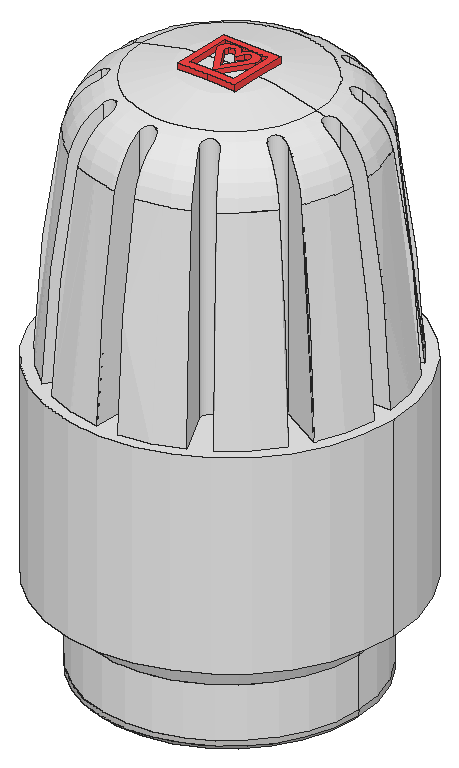
Revit family "HERZ-HERZCULES-Thermostatic Head M28x1.5 9860", category Rohrzubehör, Revit 2019
Family settings
  Bemaßung runder Anschluss = Durchmesser verwenden
  Teiletyp = Normal
  OmniClass-Nummer = 23.65.55.14
  OmniClass-Titel = Valves for Liquid Services
  Arbeitsebenenbasiert = Nein
  Immer vertikal = Nein
  Beim Laden mit Abzugskörper schneiden = Nein
  Gemeinsam genutzt = Nein
Parameters
  URL = "www.herzvalves.com"
  Set value range = "8 - 26°C"  # constant formula
  S02 = 60.000 mm  # constant formula
  S01 = 81.000 mm  # constant formula
  Part number = 1986010  # constant formula
  Operation = "The HERZ-thermostat serves as a sensor and control element.\r\nThe change in volume of the liquid contained in the HERZ-hydrosensor actuates the valve spindle."
  Model = "HERZCULES, radiator thermostat in robust version\r\nProtection against vandalism, theft and unauthorised operation.\r\nMounting, dismounting and set point control only possible with special tools.\r\nLocked and concealed set point.\r\nWith automatic frost release."
  Hersteller = "HERZ Armaturen Ges.m.b.H."  # constant formula
  Hand wheel = "plastic, white"  # constant formula
  Application = "HERZCULES, thermostatic head for mounting on HERZ-Valves, suitable for thermostatic operation."
Reference planes
  plane 1 "Mitte (Vorne/hinten)": y = 0
  plane 2: z = 0
  plane 3 "Mitte (Links/rechts)": x = 0
Forms (mm)
  Revolve 1, solid, material "Kunststoff weiß", detail levels fine
    sketch origin (0, 0, 0) x (1, 0, 0) y (0, 0, 1)
      loop
        line (-20.5, -3.5) -> (-14, -3.5) -> (-14, 0) -> (0, 0) -> (0, 81)
        arc (0, 81) -> (-6.982, 80.51) -> (-13.827, 79.05) r 50
        arc (-13.827, 79.05) -> (-18.34, 76.173) -> (-20.722, 71.381) r 10
        arc (-20.722, 71.381) -> (-23.123, 55.561) -> (-24.254, 39.6) r 200.5
        line (-24.254, 39.6) -> (-26, 39.6) -> (-26, 9) -> (-23.156, 9) -> (-20.5, 4.4) -> (-20.5, -3.5)
      axis (0, 81) -> (0, -3.5)
    angle from 0 to 360
  Revolve 2, solid, material "Messing verzinkt", detail levels fine
    sketch origin (0, 0, -5) x (1, 0, 0) y (0, 0, 1)
      loop
        line (-14, 0) -> (-14, 1.5) -> (-20.5, 1.5) -> (-20.5, 0.7) -> (-19.8, 0) -> (-14, 0)
      axis (0, 1.5) -> (0, 0)
    angle from 0 to 360
  Extrusion 3, void
    sketch origin (0, 0, 0) x (1, 0, 0) y (0, 1, 0)
      loop
        line (1.7, -24.289) -> (1.331, -16.288)
        arc (1.331, -16.288) -> (-0.021, -15) -> (-1.366, -16.294) r 1.35
        line (-1.366, -16.294) -> (-1.7, -24.292)
        arc (-1.7, -24.292) -> (0, -24.35) -> (1.7, -24.289) r 24.35
      loop
        arc (-13.65, -20.176) -> (-12.208, -21.079) -> (-10.707, -21.879) r 24.35
        line (-10.707, -21.879) -> (-6.996, -14.785)
        arc (-6.996, -14.785) -> (-7.515, -12.992) -> (-9.329, -13.431) r 1.35
        line (-9.329, -13.431) -> (-13.65, -20.176)
      loop
        line (-20.194, -13.632) -> (-13.449, -9.312)
        arc (-13.449, -9.312) -> (-13.009, -7.497) -> (-14.803, -6.979) r 1.35
        line (-14.803, -6.979) -> (-21.896, -10.689)
        arc (-21.896, -10.689) -> (-21.097, -12.19) -> (-20.194, -13.632) r 24.35
      loop
        arc (-24.307, 1.718) -> (-24.368, 0.018) -> (-24.309, -1.682) r 24.35
        line (-24.309, -1.682) -> (-16.311, -1.349)
        arc (-16.311, -1.349) -> (-15.018, -0.003) -> (-16.305, 1.349) r 1.35
        line (-16.305, 1.349) -> (-24.307, 1.718)
      loop
        arc (1.7, 24.289) -> (0, 24.35) -> (-1.7, 24.292) r 24.35
        line (-1.7, 24.292) -> (-1.366, 16.294)
        arc (-1.366, 16.294) -> (-0.021, 15) -> (1.331, 16.288) r 1.35
        line (1.331, 16.288) -> (1.7, 24.289)
      loop
        line (-13.65, 20.176) -> (-9.329, 13.431)
        arc (-9.329, 13.431) -> (-7.515, 12.992) -> (-6.996, 14.785) r 1.35
        line (-6.996, 14.785) -> (-10.707, 21.879)
        arc (-10.707, 21.879) -> (-12.208, 21.079) -> (-13.65, 20.176) r 24.35
      loop
        arc (-20.194, 13.632) -> (-21.097, 12.19) -> (-21.896, 10.689) r 24.35
        line (-21.896, 10.689) -> (-14.803, 6.979)
        arc (-14.803, 6.979) -> (-13.009, 7.497) -> (-13.449, 9.312) r 1.35
        line (-13.449, 9.312) -> (-20.194, 13.632)
      loop
        line (24.307, 1.718) -> (16.305, 1.349)
        arc (16.305, 1.349) -> (15.018, -0.003) -> (16.311, -1.349) r 1.35
        line (16.311, -1.349) -> (24.309, -1.682)
        arc (24.309, -1.682) -> (24.368, 0.018) -> (24.307, 1.718) r 24.35
      loop
        arc (13.65, 20.176) -> (12.208, 21.079) -> (10.707, 21.879) r 24.35
        line (10.707, 21.879) -> (6.996, 14.785)
        arc (6.996, 14.785) -> (7.515, 12.992) -> (9.329, 13.431) r 1.35
        line (9.329, 13.431) -> (13.65, 20.176)
      loop
        line (20.194, 13.632) -> (13.449, 9.312)
        arc (13.449, 9.312) -> (13.009, 7.497) -> (14.803, 6.979) r 1.35
        line (14.803, 6.979) -> (21.896, 10.689)
        arc (21.896, 10.689) -> (21.097, 12.19) -> (20.194, 13.632) r 24.35
      loop
        line (13.65, -20.176) -> (9.329, -13.431)
        arc (9.329, -13.431) -> (7.515, -12.992) -> (6.996, -14.785) r 1.35
        line (6.996, -14.785) -> (10.707, -21.879)
        arc (10.707, -21.879) -> (12.208, -21.079) -> (13.65, -20.176) r 24.35
      loop
        arc (20.194, -13.632) -> (21.097, -12.19) -> (21.896, -10.689) r 24.35
        line (21.896, -10.689) -> (14.803, -6.979)
        arc (14.803, -6.979) -> (13.009, -7.497) -> (13.449, -9.312) r 1.35
        line (13.449, -9.312) -> (20.194, -13.632)
    from 39.6 to 90
Cuts and joins
  Extrusion 3 cuts Revolve 1
Lines and regions (mm)
  model lines, detail levels coarse+medium
    curve 1: line (0, 0, 0) -> (0, 0, 21)
    curve 2: line (0, -0.017, 0) -> (0, 21, 0)
    curve 3: circle (0, 0, 51) r 30 normal (0, -1, 0)
    curve 4: circle (0, 0, 51) r 30 normal (1, 0, 0)
    curve 5: line (0, 0, 31) -> (0, 0, 71)
    curve 6: line (0, 17.5, 71) -> (0, -17.5, 71)
    curve 7: line (0, 0, 31) -> (0, 0, 71)
    curve 8: line (-17.5, 0, 71) -> (17.5, 0, 71)
    curve 9: circle (0, 51, 0) r 30 normal (0, 0, 1)
    curve 10: line (0, 31, 0) -> (0, 71, 0)
    curve 11: line (-17.5, 71, 0) -> (17.5, 71, 0)
Dimensions and locks
  nested 1 to plane 2 = 80.000 mm
  "S01": curve 4 to plane 2
  "S01": curve 3 to plane 2
  "S01": plane 1 "Mitte (Vorne/hinten)" to curve 9
  "S02": diameter of curve 3
  "S02": diameter of curve 4
  "S02": diameter of curve 9
  aligned and locked: level to plane 2
Automatic sketch dimensions
  Revolve 1 sketch curve to level = 0.000 mm
  Revolve 1 sketch curve to plane 3 "Mitte (Links/rechts)" = 0.000 mm  (x2)
  Revolve 1 sketch curve to plane 3 "Mitte (Links/rechts)" = 10.903 mm
  Revolve 1 sketch curve to plane 3 "Mitte (Links/rechts)" = 14.000 mm
  Revolve 1 sketch curve to Revolve 1 sketch curve = 6.500 mm
  level to Revolve 1 sketch curve = 9.000 mm
  Revolve 1 sketch curve to Revolve 1 sketch curve = 2.656 mm
  Revolve 1 sketch curve to plane 3 "Mitte (Links/rechts)" = 24.254 mm
  Revolve 1 sketch curve to Revolve 1 sketch curve = 1.746 mm
  level to Revolve 1 sketch curve = 33.411 mm
  plane 3 "Mitte (Links/rechts)" to Revolve 1 sketch curve = 176.150 mm
  Revolve 1 sketch curve to level = 3.500 mm
  level to Revolve 1 sketch curve = 4.400 mm
  level to Revolve 1 sketch curve = 31.000 mm
  Revolve 1 sketch curve to Revolve 1 sketch curve = 8.600 mm
  Revolve 1 sketch curve to Revolve 1 sketch curve = 29.887 mm
  Revolve 1 sketch curve to Revolve 1 sketch curve = 11.513 mm
  Revolve 1 sketch curve to Revolve 1 sketch curve = 2.925 mm
  level to Revolve 1 sketch curve = 5.000 mm
  Revolve 1 sketch curve to Revolve 1 sketch curve = 2133.315 mm
  Revolve 2 sketch curve to plane 3 "Mitte (Links/rechts)" = 0.000 mm
  Revolve 2 sketch curve to level = 5.000 mm
  Revolve 2 sketch curve to plane 3 "Mitte (Links/rechts)" = 14.000 mm
  Revolve 2 sketch curve to Revolve 2 sketch curve = 5.800 mm
  Revolve 2 sketch curve to Revolve 2 sketch curve = 0.700 mm  (x2)
  Revolve 2 sketch curve to Revolve 2 sketch curve = 1.500 mm
  Revolve 2 sketch curve to Revolve 2 sketch curve = 366.045 mm
  level to Revolve 2 sketch curve = 2209.315 mm
  Extrusion 3 sketch curve to Extrusion 3 sketch curve = 0.000 mm  (x62)
  plane 1 "Mitte (Vorne/hinten)" to Extrusion 3 sketch curve = 0.000 mm  (x4)
  plane 1 "Mitte (Vorne/hinten)" to Extrusion 3 sketch curve = 1.682 mm  (x2)
  Extrusion 3 sketch curve to plane 3 "Mitte (Links/rechts)" = 24.309 mm
  Extrusion 3 sketch curve to plane 1 "Mitte (Vorne/hinten)" = 1.718 mm  (x2)
  Extrusion 3 sketch curve to Extrusion 3 sketch curve = 0.002 mm
  plane 1 "Mitte (Vorne/hinten)" to Extrusion 3 sketch curve = 10.689 mm  (x2)
  Extrusion 3 sketch curve to Extrusion 3 sketch curve = 2.413 mm
  plane 1 "Mitte (Vorne/hinten)" to Extrusion 3 sketch curve = 13.632 mm
  Extrusion 3 sketch curve to Extrusion 3 sketch curve = 4.113 mm
  Extrusion 3 sketch curve to Extrusion 3 sketch curve = 7.942 mm
  plane 1 "Mitte (Vorne/hinten)" to Extrusion 3 sketch curve = 1.349 mm  (x2)
  Extrusion 3 sketch curve to Extrusion 3 sketch curve = 0.056 mm
  Extrusion 3 sketch curve to plane 1 "Mitte (Vorne/hinten)" = 1.349 mm  (x2)
  Extrusion 3 sketch curve to plane 1 "Mitte (Vorne/hinten)" = 6.979 mm  (x2)
  Extrusion 3 sketch curve to Extrusion 3 sketch curve = 1.503 mm  (x4)
  plane 1 "Mitte (Vorne/hinten)" to Extrusion 3 sketch curve = 6.979 mm  (x2)
  Extrusion 3 sketch curve to Extrusion 3 sketch curve = 1.509 mm
  Extrusion 3 sketch curve to Extrusion 3 sketch curve = 0.626 mm  (x6)
  Extrusion 3 sketch curve to Extrusion 3 sketch curve = 6.544 mm  (x2)
  Extrusion 3 sketch curve to plane 1 "Mitte (Vorne/hinten)" = 9.312 mm
  Extrusion 3 sketch curve to Extrusion 3 sketch curve = 0.728 mm  (x6)
  plane 1 "Mitte (Vorne/hinten)" to Extrusion 3 sketch curve = 9.312 mm
  Extrusion 3 sketch curve to Extrusion 3 sketch curve = 2.943 mm  (x4)
  Extrusion 3 sketch curve to Extrusion 3 sketch curve = 4.120 mm  (x6)
  Extrusion 3 sketch curve to Extrusion 3 sketch curve = 1.137 mm  (x4)
  Extrusion 3 sketch curve to Extrusion 3 sketch curve = 1.196 mm  (x5)
  Extrusion 3 sketch curve to plane 3 "Mitte (Links/rechts)" = 1.700 mm  (x2)
  Extrusion 3 sketch curve to plane 3 "Mitte (Links/rechts)" = 1.366 mm  (x2)
  Extrusion 3 sketch curve to plane 3 "Mitte (Links/rechts)" = 0.018 mm  (x2)
  plane 3 "Mitte (Links/rechts)" to Extrusion 3 sketch curve = 0.018 mm
  plane 3 "Mitte (Links/rechts)" to Extrusion 3 sketch curve = 1.331 mm  (x2)
  plane 3 "Mitte (Links/rechts)" to Extrusion 3 sketch curve = 1.700 mm  (x2)
  Extrusion 3 sketch curve to Extrusion 3 sketch curve = 5.665 mm  (x2)
  Extrusion 3 sketch curve to Extrusion 3 sketch curve = 3.710 mm  (x2)
  Extrusion 3 sketch curve to Extrusion 3 sketch curve = 0.006 mm  (x3)
  Extrusion 3 sketch curve to Extrusion 3 sketch curve = 6.745 mm  (x6)
  Extrusion 3 sketch curve to Extrusion 3 sketch curve = 1.702 mm  (x3)
  Extrusion 3 sketch curve to plane 1 "Mitte (Vorne/hinten)" = 10.689 mm  (x2)
  Extrusion 3 sketch curve to Extrusion 3 sketch curve = 8.002 mm  (x3)
  Extrusion 3 sketch curve to Extrusion 3 sketch curve = 7.181 mm
  Extrusion 3 sketch curve to Extrusion 3 sketch curve = 4.848 mm
  Extrusion 3 sketch curve to Extrusion 3 sketch curve = 2.333 mm
  Extrusion 3 sketch curve to Extrusion 3 sketch curve = 4.320 mm
  curve 5 to plane 1 "Mitte (Vorne/hinten)" = 0.000 mm
  curve 4 to plane 1 "Mitte (Vorne/hinten)" = 0.000 mm
  plane 1 "Mitte (Vorne/hinten)" to curve 6 = 17.500 mm
  curve 5 to curve 6 = 17.500 mm
  curve 5 to curve 4 = 20.000 mm
  curve 4 to curve 6 = 20.000 mm
  curve 3 to plane 3 "Mitte (Links/rechts)" = 0.000 mm
  curve 7 to plane 3 "Mitte (Links/rechts)" = 0.000 mm
  curve 1 to plane 3 "Mitte (Links/rechts)" = 0.000 mm
  curve 1 to level = 0.000 mm
  curve 8 to curve 7 = 17.500 mm
  plane 3 "Mitte (Links/rechts)" to curve 8 = 17.500 mm
  curve 1 to curve 7 = 10.000 mm
  curve 3 to curve 8 = 20.000 mm
  curve 9 to plane 3 "Mitte (Links/rechts)" = 0.000 mm
  curve 10 to plane 3 "Mitte (Links/rechts)" = 0.000 mm
  curve 2 to plane 3 "Mitte (Links/rechts)" = 0.000 mm
  curve 11 to curve 10 = 17.500 mm
  plane 3 "Mitte (Links/rechts)" to curve 11 = 17.500 mm
  plane 1 "Mitte (Vorne/hinten)" to curve 2 = 0.017 mm
  curve 2 to curve 10 = 10.000 mm
  curve 9 to curve 11 = 20.000 mm
Nested families
  nested 1: "Herz-Logo" at (0, 0, 80), type "Herz-Logo", detail levels fine
Definition of nested family "Herz-Logo"
  Reference planes
    plane 1 "Mitte (Vorne/hinten)": y = 0
    plane 2: z = 0
    plane 3 "Mitte (Links/rechts)": x = 0
  Forms (mm)
    Extrusion 1, solid
      sketch origin (0, 0, 0) x (1, 0, 0) y (0, 1, 0)
        loop
          line (-0.018, -4.517) -> (4.482, -4.517) -> (4.482, 4.483) -> (-4.518, 4.483) -> (-4.518, -4.517) -> (-0.018, -4.517)
        loop
          line (-0.05, -3.48) -> (3.482, -3.48) -> (3.482, 3.483) -> (-3.518, 3.483) -> (-3.518, -3.48) -> (-0.05, -3.48)
        loop
          arc (-0.018, 2.383) -> (-1.543, 3.287) -> (-3.067, 2.383) r 1.738
          arc (-3.067, 2.383) -> (-3.191, 1.899) -> (-3.067, 1.415) r 1.009
          line (-3.067, 1.415) -> (-0.018, -3.281) -> (3.032, 1.415)
          arc (3.032, 1.415) -> (3.156, 1.899) -> (3.032, 2.383) r 1.009
          arc (3.032, 2.383) -> (1.507, 3.287) -> (-0.018, 2.383) r 1.738
        loop
          arc (1.885, 1.272) -> (2.005, 1.675) -> (1.885, 2.079) r 0.74
          arc (1.885, 2.079) -> (1.265, 2.416) -> (0.644, 2.079) r 0.74
          line (0.644, 2.079) -> (-0.018, 0.97) -> (-0.679, 2.079)
          arc (-0.679, 2.079) -> (-1.3, 2.416) -> (-1.921, 2.079) r 0.74
          arc (-1.921, 2.079) -> (-2.04, 1.675) -> (-1.921, 1.272) r 0.74
          line (-1.921, 1.272) -> (-0.018, -1.658) -> (1.885, 1.272)
      from 0 to 1.5
  Dimensions and locks
    aligned and locked: level to plane 2
